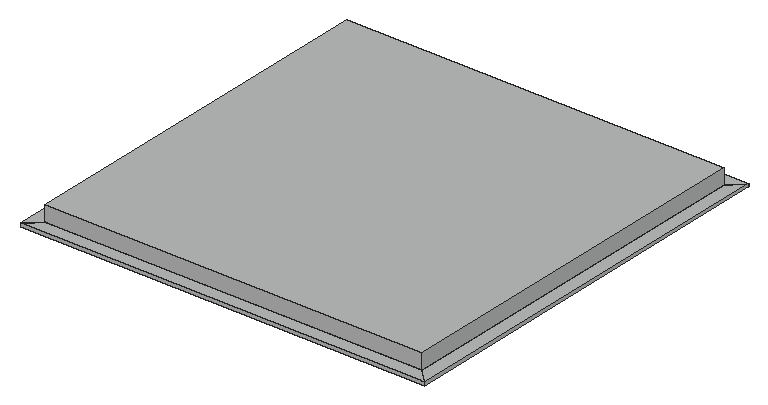
Revit family "AVRORA", category Осветительные приборы, Revit 2019 (continued)
Parameters (values of type "AVRORA-32/opal-sand 595x595х25 (IP20, 4000К)")
    0 \r\n1326.200 1325.300 1321.300 1314.700 1306.100 1296.200 1283.600 1269.300 1252.500 1233.900 1213.200 1191.000 1166.900 1141.000 1113.600 1084.600 1055.100 1023.500 991.000 \r\n957.200 922.100 887.500 850.400 813.500 775.200 736.700 697.400 657.700 617.600 577.200 536.300 495.200 453.500 410.300 366.900 325.700 284.200 243.600 203.100 164.500 128.400 94.300 \r\n61.400 33.200 5.400 0.700 \r\n1326.200 1324.500 1321.200 1315.200 1306.600 1295.700 1283.900 1269.200 1252.400 1233.500 1213.300 1191.600 1166.600 1140.800 1113.400 1084.600 1055.000 1023.100 990.900 \r\n957.100 922.000 887.100 850.300 812.800 774.900 736.900 697.400 657.600 617.600 576.900 536.100 495.000 453.100 410.200 366.500 325.600 283.700 243.600 202.400 164.100 128.000 94.100 \r\n61.100 32.500 5.400 0.700 \r\n1326.700 1324.600 1321.300 1314.400 1306.100 1296.200 1283.300 1269.100 1252.600 1233.300 1213.200 1190.400 1166.700 1141.200 1113.100 1084.500 1054.800 1023.200 991.100 \r\n957.100 922.100 886.900 850.200 812.800 775.100 736.500 697.200 657.500 617.700 576.800 536.200 494.800 452.800 409.600 366.900 325.500 283.400 243.800 202.400 163.700 127.600 93.600 \r\n61.500 31.300 5.400 0.700 \r\n1326.500 1324.800 1321.500 1314.700 1306.600 1296.100 1283.900 1269.200 1252.200 1233.100 1212.900 1190.700 1166.500 1140.300 1113.600 1084.800 1054.800 1023.000 990.900 \r\n957.100 922.300 886.400 850.200 812.300 775.500 736.700 697.000 657.400 617.500 576.700 535.900 494.900 452.700 409.300 366.700 325.500 283.400 243.800 202.700 163.700 127.300 92.900 \r\n61.300 30.300 5.200 0.700 \r\n1326.400 1324.900 1321.400 1315.000 1305.700 1296.400 1283.900 1269.200 1252.000 1233.300 1212.600 1190.400 1166.300 1140.300 1113.700 1084.900 1054.500 1023.000 990.700 \r\n957.200 922.000 887.000 850.100 812.700 774.800 736.400 697.100 657.400 617.100 576.700 535.900 494.900 452.600 409.000 366.300 325.600 283.000 243.800 202.700 163.900 127.400 92.500 \r\n60.800 31.000 4.600 0.600 \r\n1326.100 1325.100 1321.100 1314.900 1306.200 1296.400 1284.500 1269.200 1251.900 1233.300 1212.600 1190.600 1166.100 1140.100 1113.700 1084.600 1054.700 1023.200 990.500 \r\n957.000 921.900 886.500 849.700 812.700 774.800 736.300 696.700 657.300 617.100 576.600 535.700 494.500 452.400 408.800 366.000 325.400 282.700 243.800 202.700 163.900 127.800 92.500 \r\n60.300 30.600 4.000 0.600 \r\n1326.000 1325.200 1321.300 1315.600 1307.200 1296.000 1283.600 1269.300 1252.300 1232.900 1212.700 1191.000 1166.100 1140.900 1113.600 1084.900 1054.400 1022.900 990.300 \r\n956.800 921.800 887.100 849.800 812.200 774.200 736.400 696.700 657.300 617.000 576.500 535.700 494.200 452.200 408.400 366.400 325.300 282.900 243.700 202.700 163.700 127.800 92.800 \r\n60.700 30.000 4.000 0.500 \r\n1326.600 1325.400 1321.300 1315.100 1306.600 1295.900 1283.900 1269.200 1251.800 1232.900 1212.800 1190.600 1166.200 1140.600 1112.500 1084.700 1053.900 1022.700 990.300 \r\n956.600 921.700 886.100 849.700 813.000 774.100 736.400 696.700 657.200 617.000 576.500 535.600 494.500 451.900 408.400 365.900 325.200 282.600 243.700 202.700 163.600 127.800 92.800 \r\n61.000 30.500 3.900 0.500 \r\n1326.700 1325.000 1321.000 1314.600 1307.500 1296.000 1283.300 1268.900 1251.700 1232.900 1212.700 1190.100 1166.000 1140.500 1112.400 1084.300 1053.700 1022.500 990.300 \r\n956.500 921.500 886.600 849.600 812.400 774.600 736.000 696.600 657.100 616.600 576.500 535.500 494.000 452.000 408.400 365.900 325.100 282.800 243.500 202.700 163.400 127.800 92.800 \r\n61.100 30.900 4.000 0.500 \r\n1326.200 1324.900 1321.200 1314.900 1307.000 1296.000 1283.800 1268.600 1251.800 1232.700 1212.500 1190.100 1165.400 1140.600 1112.900 1084.000 1053.600 1022.500 990.100 \r\n956.300 921.500 886.100 849.500 812.200 774.400 735.700 696.900 657.000 616.800 576.300 535.200 494.200 452.000 408.300 365.800 325.000 282.600 243.400 202.600 163.300 127.700 92.800 \r\n61.200 30.900 4.000 0.500 \r\n1326.000 1325.500 1321.200 1314.500 1306.300 1296.100 1283.700 1268.800 1251.800 1233.200 1212.400 1189.500 1165.600 1139.900 1113.200 1084.000 1054.000 1022.600 989.900 \r\n956.200 921.400 885.800 849.300 812.000 774.300 735.800 696.500 656.800 616.500 576.300 535.100 494.000 451.800 408.300 365.700 324.800 282.700 243.300 202.500 163.300 127.700 92.700 \r\n61.200 30.900 4.000 0.500 \r\n1326.200 1324.600 1321.200 1314.900 1307.200 1296.000 1283.400 1268.900 1252.200 1233.000 1212.200 1190.100 1165.400 1140.200 1112.700 1084.100 1054.200 1022.500 989.500 \r\n956.200 921.100 885.700 849.000 811.600 773.700 735.400 696.200 656.700 616.400 576.200 535.000 493.700 451.700 408.300 365.600 324.800 282.500 243.300 202.400 163.500 127.700 92.800 \r\n61.200 30.900 3.800 0.500 \r\n1326.200 1325.100 1321.000 1315.300 1306.600 1296.000 1283.700 1268.700 1252.300 1232.800 1212.300 1190.500 1165.300 1139.800 1112.400 1084.200 1053.700 1022.200 989.500 \r\n956.000 921.000 885.100 849.000 812.000 774.600 735.300 696.000 656.600 616.400 575.900 534.700 493.600 451.700 408.200 365.500 324.700 282.500 243.300 202.300 163.600 127.800 92.800 \r\n61.200 30.600 4.700 0.600 \r\n1326.600 1323.700 1321.200 1315.200 1307.200 1295.800 1283.100 1268.900 1251.600 1232.600 1212.200 1189.800 1165.500 1139.900 1112.600 1084.000 1053.800 1022.200 989.800 \r\n956.000 921.000 885.500 849.200 812.000 774.700 735.300 696.100 656.300 616.200 575.800 534.700 493.600 451.700 408.300 365.600 324.600 282.500 243.300 202.100 163.700 127.800 92.900 \r\n61.100 30.200 5.300 0.600 \r\n1326.400 1324.100 1321.300 1314.900 1306.800 1295.600 1283.500 1269.100 1251.600 1232.500 1212.100 1189.900 1165.400 1139.800 1112.000 1083.600 1053.500 1022.200 989.700 \r\n955.800 920.800 885.100 849.100 811.200 773.600 735.100 695.800 656.200 616.200 575.700 534.500 493.500 451.400 408.200 365.600 324.500 282.400 243.300 202.000 163.900 127.800 93.100 \r\n60.800 30.500 5.300 0.600 \r\n1326.300 1324.400 1321.300 1314.800 1306.100 1295.700 1283.400 1268.800 1251.900 1232.700 1212.100 1190.100 1165.400 1139.800 1112.400 1083.500 1053.500 1022.100 989.800 \r\n955.700 920.900 885.200 849.000 811.000 774.000 735.100 695.800 656.100 616.000 575.400 534.400 493.400 451.400 408.300 365.500 324.400 282.700 243.200 202.100 163.900 127.700 93.100 \r\n60.300 30.800 5.100 0.600 \r\n1326.400 1324.000 1321.400 1315.600 1306.300 1295.800 1283.100 1268.500 1252.000 1232.600 1212.300 1189.200 1165.500 1139.600 1112.900 1083.800 1053.600 1021.900 989.700 \r\n955.800 920.800 885.600 848.800 811.500 773.600 735.000 695.700 655.800 615.800 575.400 534.200 493.100 451.500 408.500 365.500 324.300 282.900 243.200 202.100 164.000 127.700 93.000 \r\n60.400 31.400 4.500 0.700 \r\n1326.300 1323.700 1321.200 1315.000 1306.500 1295.700 1283.300 1268.400 1251.800 1232.300 1212.000 1189.600 1165.500 1139.600 1112.000 1083.600 1053.400 1022.100 989.500 \r\n955.700 920.500 885.400 848.600 811.100 773.800 734.800 695.600 655.500 615.500 575.400 534.100 493.100 451.400 408.700 365.700 324.300 283.100 243.200 202.400 164.000 127.400 92.700 \r\n61.000 32.500 4.400 0.700 \r\n1326.300 1324.500 1321.300 1315.200 1306.500 1295.800 1282.500 1268.500 1251.700 1232.300 1211.900 1189.600 1165.400 1139.300 1111.800 1083.400 1052.900 1021.800 989.500 \r\n955.500 920.400 885.200 848.400 811.000 773.200 734.600 695.700 655.300 615.500 575.100 533.900 492.800 451.300 408.500 365.800 324.200 283.400 243.100 203.000 164.000 127.000 92.700 \r\n61.100 33.000 4.700 0.800 \r\n1326.400 1324.000 1321.000 1315.200 1306.400 1295.800 1283.300 1268.700 1251.600 1232.700 1211.900 1188.900 1165.200 1139.000 1111.500 1083.500 1053.000 1021.500 989.100 \r\n955.300 920.300 884.800 848.500 810.700 773.400 734.500 695.300 655.300 615.300 574.900 533.800 492.800 451.300 409.000 366.000 324.200 283.800 243.000 203.700 163.800 126.500 93.000 \r\n61.400 33.200 6.400 0.800 \r\n1326.200 1324.600 1320.800 1314.900 1305.700 1295.500 1283.200 1268.400 1251.900 1232.800 1211.900 1189.700 1165.100 1139.400 1111.900 1083.300 1053.400 1021.500 989.200 \r\n955.400 920.200 884.800 848.400 810.800 772.400 734.400 695.100 655.100 615.000 574.700 533.600 492.500 451.300 408.800 366.000 324.300 283.900 242.800 204.200 163.500 126.300 93.500 \r\n62.100 33.300 6.700 0.800 \r\n1326.400 1324.100 1320.800 1315.300 1305.700 1295.800 1283.400 1268.400 1251.700 1232.700 1211.700 1189.700 1165.100 1139.400 1112.500 1083.500 1053.300 1021.700 989.100 \r\n955.400 920.300 885.100 848.200 810.600 773.200 734.300 695.000 654.900 614.700 574.500 533.400 492.600 451.300 408.900 366.300 324.200 283.700 242.800 204.300 163.100 126.400 93.500 \r\n62.900 33.400 6.600 0.900 \r\n1326.300 1324.600 1320.800 1314.900 1306.300 1295.800 1283.900 1268.300 1251.600 1232.600 1211.700 1189.600 1165.200 1139.700 1112.000 1083.300 1053.400 1021.500 989.000 \r\n955.200 920.200 884.800 848.100 811.000 772.700 734.300 694.900 654.900 614.800 574.200 533.300 492.700 451.100 409.000 366.700 324.300 283.900 242.800 204.200 162.600 126.800 93.500 \r\n63.500 33.000 6.300 0.900 \r\n1326.600 1324.500 1320.600 1314.700 1307.400 1295.700 1283.200 1268.300 1251.600 1232.900 1211.800 1189.600 1165.100 1139.900 1112.000 1083.300 1052.800 1021.400 988.900 \r\n955.000 920.000 884.700 847.900 810.300 772.100 734.100 694.400 654.700 614.600 574.000 533.100 492.100 451.000 408.900 367.100 324.500 283.900 242.900 204.100 162.400 127.000 93.500 \r\n63.900 32.400 6.000 0.900 \r\n1326.400 1324.800 1320.700 1314.600 1307.100 1295.500 1283.400 1268.200 1251.200 1232.600 1211.900 1189.800 1165.300 1139.300 1112.200 1082.900 1053.300 1021.300 988.800 \r\n955.000 920.000 883.700 847.800 810.300 772.100 733.900 694.400 654.600 614.300 573.800 533.000 492.000 450.800 408.800 367.300 324.800 283.800 243.200 204.200 162.800 127.000 94.700 \r\n64.300 32.100 6.900 0.900 \r\n1326.400 1324.500 1320.800 1314.300 1305.700 1295.600 1283.100 1268.300 1251.400 1232.600 1211.900 1188.900 1165.200 1139.600 1111.300 1082.700 1052.200 1021.400 988.700 \r\n955.000 920.000 884.600 847.600 810.200 772.300 733.700 693.900 654.500 614.300 573.700 532.700 492.400 450.600 409.000 367.600 325.100 283.600 243.300 204.100 163.300 127.900 95.300 \r\n64.700 32.800 7.800 1.000 \r\n1326.000 1324.200 1321.100 1314.700 1306.700 1295.500 1283.600 1268.000 1251.700 1232.400 1211.800 1189.000 1165.200 1138.800 1112.100 1082.800 1052.600 1021.200 988.700 \r\n954.800 919.800 883.800 847.600 810.000 772.500 733.700 694.300 654.300 614.000 573.500 532.500 492.200 450.400 409.000 367.600 325.500 283.800 243.400 203.900 163.800 129.200 96.300 \r\n64.900 33.500 8.700 1.000 \r\n1326.100 1325.000 1321.200 1314.400 1306.600 1295.700 1283.300 1268.100 1251.700 1232.300 1211.700 1188.700 1165.300 1139.500 1112.000 1082.700 1052.300 1021.400 988.500 \r\n954.700 919.700 883.900 847.500 810.100 772.500 733.400 694.300 654.200 613.900 573.300 532.300 491.600 450.300 408.700 367.800 325.900 283.900 243.800 204.100 164.100 129.500 97.300 \r\n65.000 34.400 9.400 1.000 \r\n1326.200 1324.700 1321.000 1314.400 1306.500 1295.900 1283.600 1268.500 1251.700 1232.400 1211.700 1189.200 1165.200 1139.300 1111.500 1082.600 1052.400 1021.400 988.600 \r\n954.500 919.700 883.900 847.500 810.000 772.300 733.300 694.000 654.000 614.000 573.200 532.100 491.400 450.100 408.700 367.900 326.300 284.100 244.300 204.700 165.700 130.600 97.600 \r\n65.100 35.500 10.100 1.000 \r\n1326.400 1324.500 1321.200 1315.200 1306.800 1295.900 1282.600 1268.700 1251.600 1232.600 1212.100 1188.700 1165.600 1139.000 1111.700 1082.600 1052.700 1021.300 988.500 \r\n954.600 919.600 883.700 847.200 810.200 771.500 733.100 693.900 654.000 613.700 573.200 532.000 491.000 449.900 408.400 367.800 326.500 284.500 244.600 205.500 165.300 130.900 97.600 \r\n65.100 36.600 10.400 1.000 \r\n1326.300 1324.800 1321.400 1314.700 1305.900 1295.900 1283.000 1268.500 1251.700 1232.600 1212.200 1189.300 1165.400 1139.200 1111.700 1082.600 1052.200 1021.300 988.500 \r\n954.700 919.600 884.300 847.200 809.900 771.700 733.000 693.800 653.800 613.600 573.000 531.900 491.000 449.700 408.400 367.600 326.500 284.700 244.700 206.300 165.600 131.000 97.500 \r\n65.000 37.400 10.100 1.000 \r\n1326.100 1324.600 1321.400 1314.700 1306.300 1295.900 1282.500 1268.600 1251.600 1232.700 1212.000 1189.200 1165.200 1138.900 1112.600 1083.000 1052.600 1021.100 988.700 \r\n954.600 919.500 884.200 847.200 810.000 771.000 733.000 693.900 653.700 613.400 572.800 531.700 490.800 449.600 408.300 367.500 326.600 285.000 244.900 206.700 166.700 131.000 97.600 \r\n64.600 38.400 9.800 0.900 \r\n1326.000 1324.800 1321.100 1314.200 1306.300 1295.800 1283.400 1268.700 1251.500 1232.800 1212.000 1189.400 1165.000 1139.200 1112.000 1082.900 1052.600 1021.200 988.700 \r\n954.700 919.600 884.000 847.100 809.700 771.500 732.900 693.900 653.600 613.300 572.700 531.500 490.700 449.300 408.100 367.500 326.700 285.700 245.400 206.700 167.000 131.600 98.000 \r\n63.600 39.100 10.000 0.900 \r\n1326.000 1324.300 1321.200 1314.500 1306.600 1295.600 1283.000 1268.600 1251.600 1232.200 1211.900 1188.800 1165.000 1139.600 1112.000 1082.900 1052.600 1021.200 988.500 \r\n954.500 919.600 884.300 847.000 809.600 771.200 732.800 693.600 653.400 613.300 572.500 531.400 490.300 449.200 408.100 367.300 326.700 286.200 246.200 206.400 167.100 132.800 \r\n99.500 63.300 39.700 10.400 0.900 \r\n1326.000 1323.500 1321.000 1314.600 1306.600 1295.700 1282.900 1268.700 1251.500 1232.800 1211.900 1189.400 1165.100 1139.400 1112.000 1082.900 1052.900 1021.200 988.600 \r\n954.600 919.500 883.800 847.100 809.300 771.600 732.800 693.400 653.300 613.400 572.500 531.200 490.700 449.300 407.900 367.200 326.700 286.400 246.900 207.300 168.100 133.300 \r\n99.800 63.200 39.900 10.800 0.900 \r\n1326.100 1324.700 1321.000 1314.900 1306.800 1295.800 1283.600 1268.900 1251.400 1232.900 1211.800 1189.200 1165.300 1139.200 1112.200 1083.000 1052.400 1021.300 988.500 \r\n954.400 919.500 883.900 846.900 809.800 771.400 733.000 693.700 653.300 613.200 572.500 531.100 490.200 449.200 407.900 367.000 326.600 286.500 247.300 207.900 168.700 133.600 \r\n99.800 65.000 38.900 11.300 0.900 \r\n1326.200 1324.600 1321.200 1314.600 1306.400 1296.000 1282.800 1268.700 1251.600 1232.900 1212.000 1189.100 1165.100 1139.400 1111.900 1082.900 1052.800 1021.200 988.500 \r\n954.300 919.500 883.900 847.000 809.400 771.300 732.900 693.400 653.200 613.100 572.400 531.000 490.100 449.000 407.400 366.900 326.400 286.600 247.500 208.500 168.900 133.700 \r\n99.700 64.800 37.300 11.900 0.900 \r\n1326.000 1324.400 1321.000 1315.200 1306.500 1295.800 1284.200 1268.500 1251.700 1233.600 1211.900 1190.000 1165.300 1139.500 1111.300 1083.100 1052.900 1021.300 988.400 \r\n954.400 919.500 883.500 847.100 809.700 771.500 732.800 693.200 653.100 613.200 572.300 530.900 490.200 448.800 407.600 366.800 326.300 286.400 247.600 208.800 169.300 134.100 \r\n100.300 66.300 36.000 12.700 0.800 \r\n1326.100 1324.500 1321.200 1314.900 1306.400 1296.000 1282.700 1268.600 1251.500 1233.500 1212.000 1190.400 1165.400 1139.500 1112.100 1083.300 1052.200 1021.400 988.500 \r\n954.500 919.500 883.700 847.200 809.700 771.400 732.600 693.400 653.100 612.900 572.300 530.900 490.000 448.600 407.100 366.800 326.200 286.200 247.500 209.300 169.600 134.800 \r\n101.000 66.900 35.900 13.500 0.800 \r\n1326.100 1324.900 1321.400 1314.900 1305.700 1296.000 1283.900 1268.700 1251.400 1233.000 1211.900 1189.300 1165.500 1139.300 1113.700 1083.300 1053.000 1021.100 988.500 \r\n954.400 919.400 883.800 847.200 810.000 771.400 732.600 693.000 653.000 612.800 572.100 530.700 489.600 448.600 407.300 366.400 326.000 286.300 247.400 209.500 170.200 134.900 \r\n101.100 68.300 36.700 14.300 0.800 \r\n1326.000 1323.500 1321.400 1314.900 1306.600 1296.200 1284.000 1269.000 1251.700 1233.200 1212.000 1189.600 1165.500 1139.500 1112.800 1083.500 1052.800 1021.300 988.700 \r\n954.500 919.600 884.000 847.200 809.800 771.100 732.600 693.200 653.000 612.800 571.900 530.600 489.800 448.500 407.100 366.300 325.900 286.000 247.300 209.500 170.600 135.200 \r\n100.200 69.000 37.100 15.100 0.800 \r\n1326.000 1324.400 1321.200 1314.700 1306.200 1296.300 1284.300 1269.200 1251.600 1233.300 1212.300 1189.800 1165.600 1139.300 1111.500 1083.400 1053.300 1021.200 988.600 \r\n954.800 919.700 884.300
